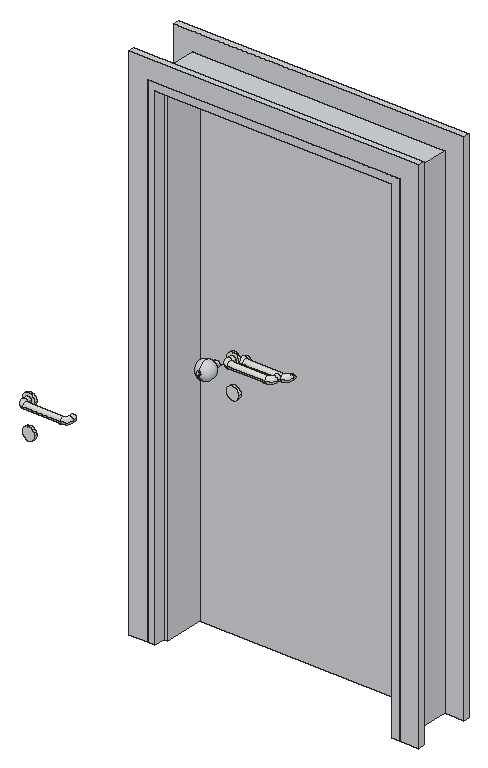
Revit family
Parameters
  프레임 투영 외부 = 25 mm
  프레임 투영 내부 = 25 mm
  프레임 폭 = 75 mm
  창호부호 = "FSD"
  문틀재료 = "1.6mm ST`L EGI PL"
  문틀마감 = "조합페인트"
  문짝재료 = "1.2mm ST`L EGI PL  양면"
  문짝마감 = "정전분체도장"
  문번호 = "1"
  Height = 2000 mm
  Wall Closure = (empty or 0)
  Width = 1000 mm
  Function = (empty or 0)
  Assembly Code = ""
Reference planes
  plane 1: y = 0
  plane 2 "중심(왼쪽/오른쪽)": x = 0
  plane 3 "왼쪽": x = -500
  plane 4 "오른쪽": x = 500
  plane 5: z = 2000
  plane 6 "외부": y = 100
  plane 7 "내부": y = -100
  plane 8 "축": x = -390
  plane 9: z = 940
  plane 10: y = 75
  plane 11: y = -75
Forms (mm)
  Extrusion 1, solid
    sketch origin (-3050, -100, 0) x (1, 0, 0) y (0, 0, 1)
      loop
        line (2475, 0) -> (2550, 0) -> (2550, 2000) -> (3550, 2000) -> (3550, 0) -> (3625, 0) -> (3625, 2075) -> (2475, 2075) -> (2475, 0)
    from 0 to 25
  Extrusion 2, solid
    sketch origin (-3050, 100, 0) x (-1, 0, 0) y (0, 0, 1)
      loop
        line (-2550, 0) -> (-2475, 0) -> (-2475, 2075) -> (-3625, 2075) -> (-3625, 0) -> (-3550, 0) -> (-3550, 2000) -> (-2550, 2000) -> (-2550, 0)
    from 0 to 25
  Sweep 3, solid
    path origin (0, -100, 0) x (1, 0, 0) y (0, 0, 1)
      loop
        line (-500, 0) -> (-500, 2000) -> (500, 2000) -> (500, 0)
    profile origin (-500, -100, 1000) x (-1, 0, 0) y (0, -1, 0)
      loop
        line (0, 25) -> (-30, 25) -> (-30, -20) -> (-45, -20) -> (-45, -180) -> (-30, -180) -> (-30, -225) -> (0, -225) -> (0, 25)
  Extrusion 4, solid
    sketch origin (0, 0, 0) x (1, 0, 0) y (0, 1, 0)
      loop
        line (-470, 80) -> (470, 80) -> (470, 120) -> (-470, 120) -> (-470, 80)
    from 0 to 1970
  Revolve 5, solid
    sketch origin (-390, -5, 0) x (0, -1, 0) y (0, 0, 1)
      loop
        arc (-144.576, 952.903) -> (-179.211, 974.937) -> (-210.957, 948.912) r 35
        line (-210.957, 948.912) -> (-207.421, 945.376) -> (-207.421, 940) -> (-2.579, 940) -> (-2.579, 945.376) -> (0.957, 948.912)
        arc (0.957, 948.912) -> (-30.789, 974.937) -> (-65.424, 952.903) r 35
        line (-65.424, 952.903) -> (-144.576, 952.903)
      axis (0.957, 940) -> (-210.957, 940)
    angle from 0 to 360
Lines and regions (mm)
  Opening 1
    outline origin (-3050, -100, 0) x (1, 0, 0) y (0, 0, 1)
      loop
        line (2550, 0) -> (3550, 0) -> (3550, 2000) -> (2550, 2000) -> (2550, 0)
  symbolic lines, style "입면도 스윙"
    curve 1: line (500, -100, 1000) -> (-500, -100, 2000)
    curve 2: line (-500, 100, 0) -> (500, 100, 1000)
  symbolic lines, style "Doors"
    curve 3: line (470, 1020.073, 0) -> (470, 80, 0)
    curve 4: line (430, 1020.073, 0) -> (470, 1020.073, 0)
    curve 5: line (430, 80, 0) -> (430, 1020.073, 0)
    curve 6: line (470, 80, 0) -> (430, 80, 0)
    curve 7: arc (430, 1020.073, 0) -> (-210.587, 732.5, 0) -> (-470, 80, 0) r 934.342
Text (mm)
  text "Exterior" at (-2295.016, 1099.543, 0), in view "참조 레벨"
  text "Exterior" at (0, 1615.38, 3698.081), in view "왼쪽"
  text "Exterior" at (0, 1036.032, 3874.932), in view "오른쪽"
Dimensions and locks
  equal spacing: plane 3 "왼쪽", plane 2 "중심(왼쪽/오른쪽)", plane 4 "오른쪽"
  "Width": plane 3 "왼쪽" to plane 4 "오른쪽"
  "Height": plane 5 to host wall
  host wall to plane 5 = 2000 mm  (x2)
  "프레임 투영 외부": Extrusion 2 to Extrusion 2
  "프레임 투영 내부": Extrusion 1 to Extrusion 1
  "프레임 폭": plane 3 "왼쪽" to Extrusion 1 sketch curve
  "프레임 폭": plane 4 "오른쪽" to Extrusion 1 sketch curve
  "프레임 폭": Extrusion 1 sketch curve to plane 5
  "프레임 폭": plane 4 "오른쪽" to Extrusion 2 sketch curve
  "프레임 폭": plane 3 "왼쪽" to Extrusion 2 sketch curve
  "프레임 폭": plane 5 to Extrusion 2 sketch curve
  locked: plane 6 "외부" to host wall at 0
  locked: plane 7 "내부" to host wall
  locked: plane 3 "왼쪽" to plane 8 "축" at 110
  aligned and locked: plane 3 "왼쪽" to Opening 1 sketch curve
  aligned and locked: plane 5 to Opening 1 sketch curve  (x2)
  aligned and locked: Opening 1 sketch curve to plane 4 "오른쪽"
  aligned and locked: Opening 1 sketch curve to level
  aligned and locked: level to Extrusion 1 sketch curve
  aligned and locked: plane 5 to Extrusion 1 sketch curve  (x2)
  aligned and locked: Extrusion 1 sketch curve to plane 4 "오른쪽"
  aligned and locked: Extrusion 1 sketch curve to plane 3 "왼쪽"
  aligned and locked: plane 3 "왼쪽" to Extrusion 2 sketch curve
  aligned and locked: plane 5 to Extrusion 2 sketch curve  (x2)
  aligned and locked: level to Extrusion 2 sketch curve
  aligned and locked: plane 5 to curve 1
  aligned and locked: plane 1 to host wall
  aligned and locked: Extrusion 4 sketch curve to Sweep 3  (x2)
  aligned and locked: Extrusion 4 to Sweep 3
  aligned and locked: Sweep 3 sketch curve to plane 5
  aligned and locked: Sweep 3 sketch curve to plane 4 "오른쪽"
  aligned and locked: plane 3 "왼쪽" to Sweep 3 sketch curve
  aligned and locked: host wall to curve 1
Automatic sketch dimensions
  Extrusion 2 sketch curve to plane 4 "오른쪽" = 0 mm
  Extrusion 1 sketch curve to level = 0 mm
  Extrusion 2 sketch curve to level = 0 mm
  Sweep 3 sketch curve to level = 0 mm  (x2)
  Extrusion 4 sketch curve to host wall = 20 mm
  host wall to Extrusion 4 sketch curve = 20 mm
  curve 7 to host wall = 20 mm
  curve 7 to plane 3 "왼쪽" = 30 mm
  plane 4 "오른쪽" to curve 7 = 70 mm
  curve 7 to host wall = 13.639 mm
  curve 5 to curve 7 = 34.321 mm
  plane 4 "오른쪽" to curve 4 = 30 mm
  curve 3 to curve 7 = 6.361 mm
  Sweep 3 sketch curve to profile plane = 0 mm
  profile plane to Sweep 3 sketch curve = 30 mm  (x2)
  Sweep 3 sketch curve to Sweep 3 sketch curve = 15 mm
  Sweep 3 sketch curve to plane 7 "내부" = 225 mm
  Sweep 3 sketch curve to Sweep 3 sketch curve = 45 mm
  Sweep 3 sketch curve to plane 7 "내부" = 20 mm
  plane 7 "내부" to Sweep 3 sketch curve = 25 mm
  Revolve 5 sketch curve to plane 9 = 0 mm  (x4)
  host wall to Revolve 5 sketch curve = 116.634 mm
  Revolve 5 sketch curve to Revolve 5 sketch curve = 10.677 mm
  Revolve 5 sketch curve to plane 9 = 5.376 mm  (x2)
  Revolve 5 sketch curve to Revolve 5 sketch curve = 3.536 mm  (x3)
  Revolve 5 sketch curve to Revolve 5 sketch curve = 30.311 mm
  Revolve 5 sketch curve to Revolve 5 sketch curve = 32.535 mm
  host wall to Revolve 5 sketch curve = 20 mm
  Revolve 5 sketch curve to plane 10 = 14.576 mm
  Revolve 5 sketch curve to host wall = 27.89 mm
  host wall to Revolve 5 sketch curve = 2.421 mm
  curve 2 to level = 0 mm
  curve 2 to plane 3 "왼쪽" = 0 mm
  curve 2 to plane 4 "오른쪽" = 0 mm
  curve 2 to curve 1 = 0 mm
  curve 1 to plane 4 "오른쪽" = 0 mm
  level to curve 2 = 1000 mm
Nested families
  nested 1: "KO_Door Handle" at (-270, 95, 0), type "KO_Door Handle"
  nested 2: "KO_Door Handle" at (-300, 55, 0), type "KO_Door Handle"
  nested 3: "KO_Door Handle" at (-635, -540, 0), type "KO_Door Handle"
Definition of nested family "KO_Door Handle"
  Reference planes
    plane 1 "중심(앞/뒤)": y = 0
    plane 2: z = 0
    plane 3 "중심(왼쪽/오른쪽)": x = 0
    plane 4 "하드웨어": z = 1000
  Forms (mm)
    Sweep 1, solid, material "하드웨어", detail levels fine
      path origin (0, 0, 1000) x (0, -1, 0) y (1, 0, 0)
        loop
          line (0, 0) -> (25, 0)
          arc (25, 0) -> (35.607, 4.393) -> (40, 15) r 15
          line (40, 15) -> (40, 165)
          arc (40, 165) -> (35.607, 175.607) -> (25, 180) r 15
          line (25, 180) -> (10, 180)
      profile origin (0, -12.5, 0) x (1, 0, 0) y (0, 0, 1)
        loop
          circle (0, 1000) r 12
    Extrusion 2, solid, material "하드웨어", detail levels fine
      sketch origin (0, 0, 0) x (1, 0, 0) y (0, 0, 1)
        loop
          circle (1.5, 1000) r 25
      from 0 to 8
    Extrusion 3, solid, material "하드웨어", detail levels fine
      sketch origin (0, 0, -120) x (1, 0, 0) y (0, 0, 1)
        loop
          circle (1.5, 1000) r 25
      from 0 to 8
  Cuts and joins
    joined: Sweep 1, Extrusion 2
  Dimensions and locks
    locked: plane 4 "하드웨어" to plane 2 at 1000
    locked: plane 4 "하드웨어" to Extrusion 3 at 120
